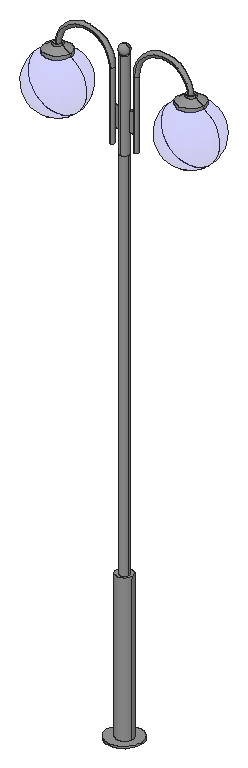
Revit family "6926 Стальной фонарный столб Т-05-2 со светильником Хоббика", category Антураж, Revit 2018
Family settings
  На основе рабочей плоскости = Нет
  Всегда вертикально = Да
  При загрузке вырезать с полостями = Нет
  Источник визуального образа = Геометрия семейства
  Общий = Нет
  Точка расчета площади = Нет
Parameters (values of type "Версия 4,26 м")
  Ширина = 400 mm  # constant formula
  Цвет каркаса = Сталь
  Описание = if([Версия 3,26 м], "Стальной фонарный столб Т-05-2 со светильником. Модель 3,26 м", if([Версия 3,76 м], "Стальной фонарный столб Т-05-2 со светильником. Модель 3,76 м", if([Версия 4,26 м], "Стальной фонарный столб Т-05-2 со светильником. Модель 4,26 м", if([Версия 4,76 м], "Стальной фонарный столб Т-05-2 со светильником. Модель 4,76 м", if([Версия 5,26 м], "Стальной фонарный столб Т-05-2 со светильником. Модель 5,26 м", "Стальной фонарный столб Т-05-2 со светильником. Модель 5,76 м")))))  # "Стальной фонарный столб Т-05-2 со светильником. Модель 4,26 м"
  Материал изделия = "Сталь"  # constant formula
  Изображение типоразмера = Стальной фонарный столб Т-05-2 со светильником Арт 6926.jpg
  Изготовитель = "ООО «Хоббика»"  # constant formula
  Длина = 1307 mm  # constant formula
  Группа модели = "Светильники со стальными опорами"  # constant formula
  Высота = if([Версия 3,26 м], 3260 mm, if([Версия 3,76 м], 3760 mm, if([Версия 4,26 м], 4260 mm, if([Версия 4,76 м], 4760 mm, if([Версия 5,26 м], 5260 mm, 5760 mm)))))  # 4260 mm
  Версия 5,26 м = no
  Версия 4,76 м = no
  Версия 4,26 м = yes
  Версия 3,76 м = no
  Версия 3,26 м = no
  Артикул товара = "Арт. 6926"  # constant formula
  URL = "https://hobbyka.ru/product/stalnoy_fonarnyy_stolb_t052_so_svetilnikom/"
Types (7, lengths in mm): name | Описание | Высота | Версия 5,26 м | Версия 4,76 м | Версия 4,26 м | Версия 3,76 м | Версия 3,26 м
  (no name) | "Стальной фонарный столб Т-05-2 со светильником. Модель 4,26 м" | 4260 | no | no | yes | no | no
  Версия 3,26 м | "Стальной фонарный столб Т-05-2 со светильником. Модель 3,26 м" | 3260 | no | no | no | no | yes
  Версия 3,76 м | "Стальной фонарный столб Т-05-2 со светильником. Модель 3,76 м" | 3760 | no | no | no | yes | no
  Версия 4,26 м | "Стальной фонарный столб Т-05-2 со светильником. Модель 4,26 м" | 4260 | no | no | yes | no | no
  Версия 4,76 м | "Стальной фонарный столб Т-05-2 со светильником. Модель 4,76 м" | 4760 | no | yes | no | no | no
  Версия 5,26 м | "Стальной фонарный столб Т-05-2 со светильником. Модель 5,26 м" | 5260 | yes | no | no | no | no
  Версия 5,76 м | "Стальной фонарный столб Т-05-2 со светильником. Модель 5,76 м" | 5760 | no | no | no | no | no
Reference planes
  plane 1 "По центру (Вперед/Назад)": y = 0
  plane 2: z = 0
  plane 3 "По центру (Влево/Вправо)": x = 0
  plane 4: x = 653.5
  plane 5: y = -200
  plane 6: z = 4260
  plane 7: z = 1000
  plane 8: z = 3560
  plane 9: y = 200
  plane 10: x = -653.5
Forms (mm)
  Extrusion 1, solid, material "Сталь" <- "Цвет каркаса"
    sketch origin (-200, 115.675, 0) x (1, 0, 0) y (0, 1, 0)
      loop
        circle (200, -115.675) r 30
    from 1000 to 3560
  Extrusion 2, solid, material "Сталь" <- "Цвет каркаса"
    sketch origin (-200, 115.675, 0) x (1, 0, 0) y (0, 1, 0)
      loop
        circle (200, -115.675) r 54
    from 0 to 1000
  Extrusion 3, solid, material "Сталь" <- "Цвет каркаса"
    sketch origin (-200, 115.675, 0) x (1, 0, 0) y (0, 1, 0)
      loop
        circle (200, -115.675) r 116
    from 0 to 10
Dimensions and locks
  "Высота": plane 6 to level
  plane 7 to level = 1000 mm
  locked: plane 6 to plane 8 at 700
  plane 9 to plane 5 = 400 mm
  "Ширина": plane 9 to plane 5
  equal spacing: plane 10, plane 3 "По центру (Влево/Вправо)", plane 4
  "Длина": plane 10 to plane 4
  aligned and locked: level to plane 2
  aligned and locked: nested 1 to plane 6
  aligned and locked: plane 7 to Extrusion 2
  aligned and locked: Extrusion 1 to plane 7
  aligned and locked: plane 8 to Extrusion 1
Automatic sketch dimensions
  Extrusion 1 sketch curve to Extrusion 1 sketch curve = 0 mm  (x2)
  plane 3 "По центру (Влево/Вправо)" to Extrusion 1 sketch curve = 0 mm
  plane 1 "По центру (Вперед/Назад)" to Extrusion 1 sketch curve = 0 mm
  Extrusion 1 sketch curve to Extrusion 1 sketch curve = 30 mm
  Extrusion 2 sketch curve to Extrusion 2 sketch curve = 0 mm  (x2)
  plane 3 "По центру (Влево/Вправо)" to Extrusion 2 sketch curve = 0 mm
  plane 1 "По центру (Вперед/Назад)" to Extrusion 2 sketch curve = 0 mm
  Extrusion 2 sketch curve to Extrusion 2 sketch curve = 54 mm
  plane 3 "По центру (Влево/Вправо)" to Extrusion 3 sketch curve = 0 mm
  Extrusion 3 sketch curve to Extrusion 3 sketch curve = 116 mm
  Extrusion 3 sketch curve to Extrusion 3 sketch curve = 0 mm
  plane 1 "По центру (Вперед/Назад)" to Extrusion 3 sketch curve = 0 mm
Nested families
  nested 1: "Стальной фонарный столб Т-05-2 со светильником Арт 6926 светильник" at (-54, 0, 3560) x (0, 1, 0) z (0, 0, 1), type "Стальной фонарный столб Т-05-2 со светильником Арт 6926 светильник"
Definition of nested family "Стальной фонарный столб Т-05-2 со светильником Арт 6926 светильник"
  Parameters (values of type "Стальной фонарный столб Т-05-2 со светильником Арт 6926 светильник")
    Цвет каркаса = none
    Height = 0 mm
  Reference planes
    plane 1 "По центру (Вперед/Назад)": y = 0
    plane 2: z = 0
    plane 3 "По центру (Влево/Вправо)": x = 0
    plane 4: z = 700
  Forms (mm)
    Sweep 1, solid, material <- "Цвет каркаса"
      path origin (0, -11.089, 0) x (0, 1, 0) y (0, 0, 1)
        loop
          line (-110.461, 35) -> (-110.461, 500)
          arc (-110.461, 500) -> (-310.461, 700) -> (-510.461, 500) r 200
      profile origin (0, -121.55, 267.5) x (0, -1, 0) y (1, 0, 0)
        loop
          circle (15, 0) r 15
    Revolve 2, solid
      sketch origin (0, -11.089, 0) x (0, 1, 0) y (0, 0, 1)
        loop
          line (-495.461, 77.532) -> (-495.461, 456.98) -> (-583.77, 456.98)
          arc (-583.77, 456.98) -> (-690.255, 232.197) -> (-495.461, 77.532) r 200
        axis (-495.461, 456.98) -> (-495.461, 77.532)
      angle from 0 to 360
    Revolve 3, solid, material <- "Цвет каркаса"
      sketch origin (0, -11.089, 0) x (0, 1, 0) y (0, 0, 1)
        loop
          line (-495.461, 517.532) -> (-525.461, 517.532) -> (-525.461, 507.532) -> (-583.77, 476.98) -> (-583.77, 456.98) -> (-495.461, 456.98) -> (-495.461, 517.532)
        axis (-495.461, 517.532) -> (-495.461, 456.98)
      angle from 0 to 360
    Extrusion 4, solid, material <- "Цвет каркаса"
      sketch origin (0, -18.679, 0) x (1, 0, 0) y (0, 1, 0)
        loop
          circle (0, -35.321) r 30
      from 0 to 600
    Revolve 5, solid, material <- "Цвет каркаса"
      sketch origin (0, 0, -15) x (0, 1, 0) y (0, 0, 1)
        loop
          arc (-54, 680) -> (-86.5, 647.5) -> (-54, 615) r 32.5
          line (-54, 615) -> (-54, 680)
        axis (-54, 615) -> (-54, 680)
      angle from 0 to 360
    Sweep 6, solid, material <- "Цвет каркаса"
      path origin (0, -96.56, 0) x (0, -1, 0) y (0, 0, 1)
        loop
          line (-110.461, 35) -> (-110.461, 500)
          arc (-110.461, 500) -> (-310.461, 700) -> (-510.461, 500) r 200
      profile origin (0, 13.901, 267.5) x (0, -1, 0) y (1, 0, 0)
        loop
          circle (-15, 0) r 15
    Revolve 7, solid
      sketch origin (0, -96.56, 0) x (0, -1, 0) y (0, 0, 1)
        loop
          line (-495.461, 77.532) -> (-495.461, 456.98) -> (-583.77, 456.98)
          arc (-583.77, 456.98) -> (-690.255, 232.197) -> (-495.461, 77.532) r 200
        axis (-495.461, 456.98) -> (-495.461, 77.532)
      angle from 0 to 360
    Revolve 8, solid, material <- "Цвет каркаса"
      sketch origin (0, -96.56, 0) x (0, -1, 0) y (0, 0, 1)
        loop
          line (-495.461, 517.532) -> (-525.461, 517.532) -> (-525.461, 507.532) -> (-583.77, 476.98) -> (-583.77, 456.98) -> (-495.461, 456.98) -> (-495.461, 517.532)
        axis (-495.461, 517.532) -> (-495.461, 456.98)
      angle from 0 to 360
    Extrusion 9, solid, material <- "Цвет каркаса"
      sketch origin (0, -108, 0) x (1, 0, 0) y (0, 1, 0)
        loop
          line (-2.5, -28.55) -> (2.5, -28.55) -> (2.5, 136.901) -> (-2.5, 136.901) -> (-2.5, -28.55)
      from 137.254 to 276.271
  Cuts and joins
    joined: Sweep 1, Extrusion 4
  Dimensions and locks
    plane 4 to level = 700 mm
    aligned and locked: level to plane 2
